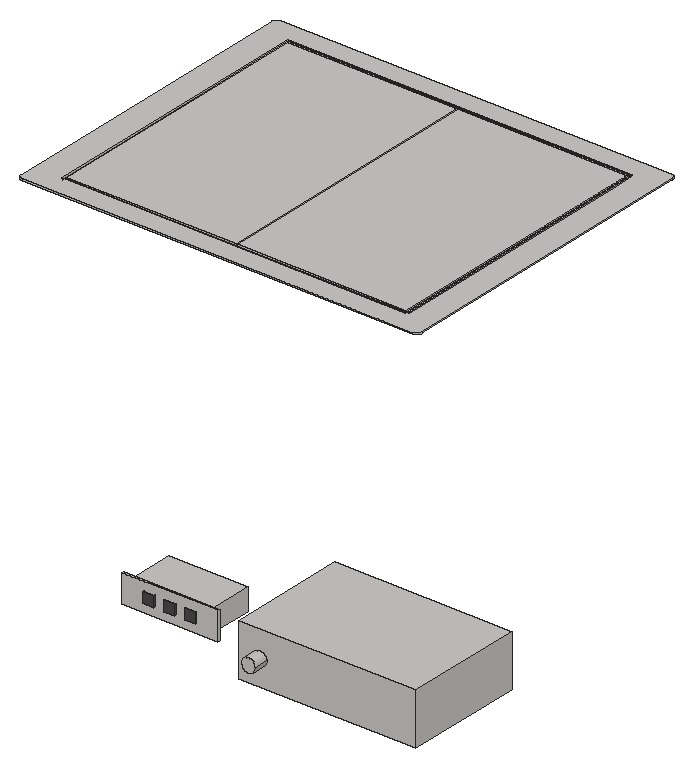
Revit family "QF_ELECTROLUXPROFESSIONAL_341015_D04H2", category Specialty Equipment, Revit 2018
Family settings
  Round Connector Dimension = Use Diameter
  Part Type = Normal
  Work Plane-Based = No
  Always vertical = Yes
  Cut with Voids When Loaded = No
  Shared = No
  Room Calculation Point = No
Parameters (values of type "Standard")
  Weight = 0.00 kg
  Watts = 0 W
  Volts = 220 V
  URL Manufacturer = "http://professional.electrolux.com"
  URL = "http://professional.electrolux.com"
  Steam Supply Size = 0 mm
  Steam Supply Minimum Pressure = 0.0 Pa
  Steam Supply Maximum Pressure = 0.0 Pa
  Steam Pounds per Hour = 0
  Show Clearance [instance] = yes
  Remote Electrical Box_Z [instance] = 200.00 mm
  Remote Electrical Box_Y [instance] = 500.00 mm
  Remote Electrical Box_X [instance] = 500.00 mm
  Refrigeration Suction Line Size = 0 mm
  Refrigeration Liquid Line Size = 0 mm
  Refrigerant Compressor Remote = yes
  Manufacturer = "Electrolux Professional"
  Phase = 1
  Model = "D04H2"
  Length Actual = 770.00 mm  # constant formula
  Item Number = "341015"
  Hot Water Size = 0 mm
  Height Actual = 80.00 mm  # constant formula
  HP = "0 HP"
  Gas Size = 0 mm
  Gas KW = 0
  Gas Input Pressure = 0 W
  Direct Waste Size = 0 mm
  Description = "DROP-IN TEMPERED GLASS TOP, 2GN"
  Depth Actual = 620.00 mm  # constant formula
  Cycle = 60 Hz
  Controller_Y [instance] = 500.00 mm
  Controller_1Z [instance] = 200.00 mm
  Controller_1X [instance] = 200.00 mm
  Condensate Return Size = 0 mm
  Compressed Air Volume = 0.0 L/s
  Compressed Air Size = 0 mm
  Compressed Air Pressure = 0.0 Pa
  Cold Water Size = 0 mm
  Accessory = yes
Types (2, lengths in mm): name | Volts | URL Manufacturer | URL | Manufacturer | Phase | Model | Item Number | Description | Cycle
  341015.rfa | 0 V | "" | 0.00 | 0.00 | 0 | 0.00 | "" | 0.00 | 0 Hz
  Standard | 220 V | "http://professional.electrolux.com" | "http://professional.electrolux.com" | "Electrolux Professional" | 1 | "D04H2" | "341015" | "DROP-IN TEMPERED GLASS TOP, 2GN" | 60 Hz
Reference planes
  plane 1 "Centro (Fronte/Retro)": y = 74.737
  plane 2: z = 0
  plane 3 "BACK": y = 384.737
  plane 4 "FRONT": y = -235.263
  plane 5 "RIGHT": x = -129.269
  plane 6 "LEFT": x = -899.269
  plane 7: x = -514.269
  plane 8 "TOP": z = 900
  plane 9: y = 345.957
  plane 10: y = -196.483
  plane 11: x = -845.489
  plane 12: x = -183.049
  plane 13: z = 898
  plane 14: z = 822
  plane 15: z = 825
  plane 16: x = -189.269
  plane 17: x = -839.269
  plane 18: y = 339.737
  plane 19: y = -190.263
  plane 20: x = -699.269
  plane 21: x = -399.269
  plane 22: y = -115.263
  plane 23: y = -115.263
  plane 24: z = 200
  plane 25: z = 200
Forms (mm)
  Extrusion 1, solid, material "QF_Finishes_Stainless Steel"
    sketch origin (0, 0, 900) x (-1, 0, 0) y (0, -1, 0)
      loop
        arc (889.269, -384.737) -> (896.34, -381.808) -> (899.269, -374.737) r 10
        line (899.269, -374.737) -> (899.269, 225.263)
        arc (899.269, 225.263) -> (896.34, 232.334) -> (889.269, 235.263) r 10
        line (889.269, 235.263) -> (139.269, 235.263)
        arc (139.269, 235.263) -> (132.198, 232.334) -> (129.269, 225.263) r 10
        line (129.269, 225.263) -> (129.269, -374.737)
        arc (129.269, -374.737) -> (132.198, -381.808) -> (139.269, -384.737) r 10
        line (139.269, -384.737) -> (889.269, -384.737)
      loop
        line (845.489, -345.957) -> (845.489, 196.483) -> (183.049, 196.483) -> (183.049, -345.957) -> (845.489, -345.957)
    from 0 to -2
  Extrusion 2, solid, material "QF_Finishes_Stainless Steel"
    sketch origin (0, 0, 900) x (-1, 0, 0) y (0, -1, 0)
      loop
        line (845.489, -345.957) -> (845.489, 196.483) -> (183.049, 196.483) -> (183.049, -345.957) -> (845.489, -345.957)
    from -2 to -78
  Sweep 3, void
    path origin (0, 0, 900) x (-1, 0, 0) y (0, -1, 0)
      loop
        line (845.489, -345.957) -> (845.489, 196.483) -> (183.049, 196.483) -> (183.049, -345.957) -> (845.489, -345.957)
    profile origin (-514.269, 345.957, 900) x (0, 1, 0) y (0, 0, 1)
      loop
        line (0, -2) -> (-75, -78.22) -> (0, -78.22) -> (0, -2)
  Extrusion 4, solid, material "QF_Finishes_Stainless Steel"
    sketch origin (0, 0, 900) x (-1, 0, 0) y (0, -1, 0)
      loop
        line (839.269, -339.737) -> (839.269, 190.263) -> (514.269, 190.263) -> (514.269, -339.737) -> (839.269, -339.737)
    from -2 to 0
  Extrusion 5, solid, material "QF_Finishes_Stainless Steel"
    sketch origin (-1028.537, 0, 900) x (1, 0, 0) y (0, 1, 0)
      loop
        line (839.269, 339.737) -> (514.269, 339.737) -> (514.269, -190.263) -> (839.269, -190.263) -> (839.269, 339.737)
    from -2 to 0
Cuts and joins
  Sweep 3 cuts Extrusion 2
Lines and regions (mm)
  symbolic lines
    curve 1: line (-139.269, 384.737, 900) -> (-889.269, 384.737, 900)
    curve 2: arc (-889.269, 384.737, 900) -> (-896.34, 381.808, 900) -> (-899.269, 374.737, 900) r 10
    curve 3: line (-899.269, 374.737, 900) -> (-899.269, -225.263, 900)
    curve 4: arc (-899.269, -225.263, 900) -> (-896.34, -232.334, 900) -> (-889.269, -235.263, 900) r 10
    curve 5: line (-889.269, -235.263, 900) -> (-139.269, -235.263, 900)
    curve 6: arc (-139.269, -235.263, 900) -> (-132.198, -232.334, 900) -> (-129.269, -225.263, 900) r 10
    curve 7: line (-129.269, -225.263, 900) -> (-129.269, 374.737, 900)
    curve 8: arc (-129.269, 374.737, 900) -> (-132.198, 381.808, 900) -> (-139.269, 384.737, 900) r 10
    curve 9: line (-845.489, 345.957, 900) -> (-183.049, 345.957, 900)
    curve 10: line (-845.489, -196.483, 900) -> (-845.489, 345.957, 900)
    curve 11: line (-183.049, -196.483, 900) -> (-845.489, -196.483, 900)
    curve 12: line (-183.049, 345.957, 900) -> (-183.049, -196.483, 900)
    curve 13: line (-839.269, 339.737, 900) -> (-514.269, 339.737, 900)
    curve 14: line (-839.269, -190.263, 900) -> (-839.269, 339.737, 900)
    curve 15: line (-514.269, -190.263, 900) -> (-839.269, -190.263, 900)
    curve 16: line (-514.269, 339.737, 900) -> (-514.269, -190.263, 900)
    curve 17: line (-189.269, 339.737, 900) -> (-511.159, 339.737, 900)
    curve 18: line (-189.269, -190.263, 900) -> (-189.269, 339.737, 900)
    curve 19: line (-511.159, -190.263, 900) -> (-189.269, -190.263, 900)
    curve 20: line (-189.269, 339.737, 900) -> (-514.269, 339.737, 900)
    curve 21: line (-189.269, -190.263, 900) -> (-189.269, 339.737, 900)
    curve 22: line (-514.269, -190.263, 900) -> (-189.269, -190.263, 900)
  symbolic lines, style "SpecialityEquipmentHiddenLines"
    curve 23: line (-845.489, 345.957, 900) -> (-770.489, 270.957, 900)
    curve 24: line (-770.489, 270.957, 900) -> (-258.049, 270.957, 900)
    curve 25: line (-770.489, -121.483, 900) -> (-770.489, 270.957, 900)
    curve 26: line (-258.049, -121.483, 900) -> (-770.489, -121.483, 900)
    curve 27: line (-258.049, 270.957, 900) -> (-258.049, -121.483, 900)
    curve 28: line (-258.049, 270.957, 900) -> (-183.049, 345.957, 900)
    curve 29: line (-183.049, -196.483, 900) -> (-258.049, -121.483, 900)
    curve 30: line (-845.489, -196.483, 900) -> (-770.489, -121.483, 900)
Dimensions and locks
  plane 6 "LEFT" to plane 5 "RIGHT" = 770.00 mm
  equal spacing: plane 3 "BACK", plane 1 "Centro (Fronte/Retro)", plane 4 "FRONT"
  plane 3 "BACK" to plane 4 "FRONT" = 620.00 mm
  equal spacing: plane 6 "LEFT", plane 7, plane 5 "RIGHT"
  locked: plane 8 "TOP" to plane 2 at 900
  locked: plane 3 "BACK" to plane 9 at 38.78
  locked: plane 10 to plane 4 "FRONT" at 38.78
  plane 6 "LEFT" to plane 11 = 53.78 mm
  plane 12 to plane 5 "RIGHT" = 53.78 mm
  locked: plane 8 "TOP" to plane 13 at 2
  plane 8 "TOP" to plane 14 = 78.00 mm
  locked: plane 15 to plane 14 at 3
  locked: plane 11 to plane 17 at 6.22
  locked: plane 16 to plane 12 at 6.22
  locked: plane 9 to plane 18 at 6.22
  locked: plane 19 to plane 10 at 6.22
  plane 17 to plane 16 = 650.00 mm
  plane 18 to plane 19 = 530.00 mm
  plane 16 to plane 5 "RIGHT" = 60.00 mm
  plane 6 "LEFT" to plane 17 = 60.00 mm
  "Controller_Y": plane 3 "BACK" to plane 23
  "Remote Electrical Box_Y": plane 3 "BACK" to plane 22
  "Controller_1X": plane 6 "LEFT" to plane 20
  "Remote Electrical Box_X": plane 6 "LEFT" to plane 21
  "Controller_1Z": plane 25 to plane 2
  "Remote Electrical Box_Z": plane 24 to plane 2
  aligned and locked: level to plane 2
  aligned and locked: Extrusion 1 sketch curve to plane 3 "BACK"
  aligned and locked: plane 6 "LEFT" to Extrusion 1 sketch curve
  aligned and locked: plane 4 "FRONT" to Extrusion 1 sketch curve
  aligned and locked: Extrusion 1 sketch curve to plane 5 "RIGHT"
  aligned and locked: Extrusion 1 sketch curve to plane 9
  aligned and locked: plane 11 to Extrusion 1 sketch curve
  aligned and locked: plane 10 to Extrusion 1 sketch curve
  aligned and locked: Extrusion 1 sketch curve to plane 12
  aligned and locked: Extrusion 1 to plane 13
  aligned and locked: Extrusion 2 to plane 14
  aligned and locked: Extrusion 2 to Extrusion 1
  aligned and locked: plane 11 to Extrusion 2 sketch curve
  aligned and locked: Extrusion 2 sketch curve to plane 9
  aligned and locked: Extrusion 2 sketch curve to plane 12
  aligned and locked: plane 10 to Extrusion 2 sketch curve
  aligned and locked: Sweep 3 sketch curve to Extrusion 1  (x4)
  aligned and locked: Extrusion 4 sketch curve to plane 18
  aligned and locked: plane 17 to Extrusion 4 sketch curve
  aligned and locked: plane 19 to Extrusion 4 sketch curve
  aligned and locked: Extrusion 1 to Extrusion 4
  aligned and locked: plane 8 "TOP" to Extrusion 4
  aligned and locked: Extrusion 4 sketch curve to plane 7
  aligned and locked: nested 1 to plane 20
  aligned and locked: nested 2 to plane 21
  aligned and locked: plane 22 to nested 2
  aligned and locked: plane 23 to nested 1
  aligned and locked: plane 24 to nested 2
  aligned and locked: nested 1 to plane 25
Automatic sketch dimensions
  Extrusion 1 sketch curve to plane 5 "RIGHT" = 10.00 mm
  Extrusion 1 sketch curve to plane 3 "BACK" = 10.00 mm  (x2)
  Extrusion 1 sketch curve to Extrusion 1 sketch curve = 10.00 mm
  curve 7 to plane 5 "RIGHT" = 0.00 mm
  curve 8 to plane 3 "BACK" = 0.00 mm
  curve 5 to plane 4 "FRONT" = 0.00 mm
  curve 12 to plane 9 = 0.00 mm
  curve 12 to plane 12 = 0.00 mm
  curve 22 to plane 16 = 0.00 mm
  curve 17 to plane 18 = 0.00 mm
  curve 19 to plane 19 = 0.00 mm
  curve 20 to plane 7 = 0.00 mm
  curve 14 to plane 17 = 0.00 mm
  curve 10 to plane 10 = 0.00 mm
  curve 10 to plane 11 = 0.00 mm
  curve 4 to plane 6 "LEFT" = 0.00 mm
  curve 6 to curve 6 = 10.00 mm
  curve 8 to plane 3 "BACK" = 10.00 mm
  curve 2 to plane 3 "BACK" = 10.00 mm
  curve 4 to curve 4 = 10.00 mm
  plane 7 to curve 17 = 3.11 mm
  curve 19 to curve 15 = 3.11 mm
  Sweep 3 sketch curve to profile plane = 0.00 mm
  profile plane to Sweep 3 sketch curve = 75.00 mm
  Sweep 3 sketch curve to plane 8 "TOP" = 78.22 mm
  Sweep 3 sketch curve to plane 8 "TOP" = 2.00 mm
  Extrusion 5 sketch curve to plane 7 = 0.00 mm
  Extrusion 5 sketch curve to plane 16 = 0.00 mm
  Extrusion 5 sketch curve to plane 18 = 0.00 mm
  Extrusion 5 sketch curve to plane 19 = 0.00 mm
  plane 17 to curve 23 = 68.78 mm
  curve 23 to plane 18 = 68.78 mm
  plane 19 to curve 25 = 68.78 mm
  curve 26 to plane 16 = 68.78 mm
Nested families
  nested 1: "Controller" at (-699.269, -115.263, 200), type "Controller"
  nested 2: "Remote_Electrical_Box" at (-399.269, -0.263, 100), type "Remote_Electrical_Box"
  nested 3: "Sun" at (-309.269, -45.263, 900), type "Sun"
Connectors
  electrical at (-529.269, -142.263, 149.381)
    settings: on nested 2, index 1, voltage 0 V, apparent load 0 VA, apparent load phase1 0 VA, apparent load phase2 0 VA, apparent load phase3 0 VA, power factor 1, load classification "Altro", number of poles 1, system type 14, power factor state 1, is connector primary yes, connector utility no, sub classification motor no, connector description ""
Definition of nested family "Controller"
  Reference planes
    plane 1 "Center (Front/Back)": y = 0
    plane 2: z = 0
    plane 3 "Center (Left/Right)": x = 0
  Forms (mm)
    Extrusion 1, solid
      sketch origin (0, 44.769, -48.2) x (1, 0, 0) y (0, 1, 0)
        loop
          line (-76, 43.231) -> (-76, -47.65) -> (76, -47.65) -> (76, 43.231) -> (-76, 43.231)
      from 6.2 to 48.2
    Extrusion 2, solid
      sketch origin (0, 44.769, -48.2) x (1, 0, 0) y (0, 0, 1)
        loop
          line (-92.25, 54.4) -> (-92.25, 0) -> (92.25, 0) -> (92.25, 54.4) -> (-92.25, 54.4)
        loop
          line (-76, 48.2) -> (-76, 6.2) -> (76, 6.2) -> (76, 48.2) -> (-76, 48.2)
      from 44.769 to 47.65
    Extrusion 3, solid
      sketch origin (76, -2.881, -48.2) x (-1, 0, 0) y (0, 0, -1)
        loop
          line (106, -37.2) -> (126, -37.2) -> (126, -17.2) -> (106, -17.2) -> (106, -37.2)
        loop
          line (66, -37.2) -> (86, -37.2) -> (86, -17.2) -> (66, -17.2) -> (66, -37.2)
        loop
          line (26, -37.2) -> (46, -37.2) -> (46, -17.2) -> (26, -17.2) -> (26, -37.2)
      from 0 to 2
    Extrusion 4, void
      sketch origin (0, 0, 0) x (1, 0, 0) y (0, 1, 0)
        loop
          line (76, 88) -> (-76, 88) -> (-76, 0) -> (76, 0) -> (76, 88)
      from 0 to -42
  Cuts and joins
    Extrusion 4 cuts Extrusion 2
    joined: Extrusion 1, Extrusion 2
  Lines and regions (mm)
    symbolic lines
      curve 1: line (-76, 88, 0) -> (-76, 0, 0)
      curve 2: line (76, 88, 0) -> (-76, 88, 0)
      curve 3: line (76, 0, 0) -> (76, 88, 0)
      curve 4: line (-92.25, -2.881, 0) -> (92.25, -2.881, 0)
      curve 5: line (-92.25, 0, 0) -> (-92.25, -2.881, 0)
      curve 6: line (92.25, 0, 0) -> (-92.25, 0, 0)
      curve 7: line (92.25, -2.881, 0) -> (92.25, 0, 0)
  Dimensions and locks
    aligned and locked: level to plane 2
Definition of nested family "Remote_Electrical_Box"
  Parameters (values of type "Remote_Electrical_Box")
    Default Elevation = 1219.20 mm
  Reference planes
    plane 1 "Center (Front/Back)": y = 0
    plane 2: z = 0
    plane 3 "Center (Left/Right)": x = 0
    plane 4: x = -170
    plane 5: x = 170
    plane 6: y = 115
    plane 7: y = -115
    plane 8: z = 100
    plane 9: z = 50
  Forms (mm)
    Extrusion 1, solid
      sketch origin (0, 0, 0) x (1, 0, 0) y (0, 1, 0)
        loop
          line (-170, 115) -> (-170, -115) -> (170, -115) -> (170, 115) -> (-170, 115)
      from 0 to 100
    Extrusion 2, solid
      sketch origin (0, 0, 0) x (1, 0, 0) y (0, 0, 1)
        loop
          circle (-130, 49.381) r 13
      from 115 to 142
  Lines and regions (mm)
    symbolic lines
      curve 1: line (-170, 115, 0) -> (170, 115, 0)
      curve 2: line (-170, -115, 0) -> (-170, 115, 0)
      curve 3: line (170, -115, 0) -> (-170, -115, 0)
      curve 4: line (170, 115, 0) -> (170, -115, 0)
      curve 5: line (-143, -142, 0) -> (-117, -142, 0)
      curve 6: line (-143, -142, 0) -> (-143, -115, 0)
      curve 7: line (-117, -142, 0) -> (-117, -115, 0)
  Dimensions and locks
    equal spacing: plane 4, plane 3 "Center (Left/Right)", plane 5
    equal spacing: plane 6, plane 1 "Center (Front/Back)", plane 7
    plane 4 to plane 5 = 340.00 mm
    plane 6 to plane 7 = 230.00 mm
    Extrusion 1 to Extrusion 2 sketch curve = 40.00 mm
    equal spacing: plane 8, plane 9, plane 2
    aligned and locked: level to plane 2
    aligned and locked: Extrusion 1 sketch curve to plane 6
    aligned and locked: plane 4 to Extrusion 1 sketch curve
    aligned and locked: plane 7 to Extrusion 1 sketch curve
    aligned and locked: Extrusion 1 sketch curve to plane 5
    aligned and locked: plane 7 to Extrusion 2
    aligned and locked: plane 8 to Extrusion 1
  Automatic sketch dimensions
    level to Extrusion 2 sketch curve = 49.381 mm
    curve 3 to plane 4 = 0.00 mm
    curve 7 to plane 7 = 0.00 mm
    curve 3 to plane 5 = 0.00 mm
    curve 2 to plane 6 = 0.00 mm
    plane 4 to curve 6 = 27.00 mm
    curve 5 to curve 6 = 27.00 mm
    curve 6 to curve 7 = 26.00 mm
    radius of Extrusion 2 sketch curve = 13.00 mm
Definition of nested family "Sun"
  Reference planes
    plane 1 "Center (Front/Back)": y = 0
    plane 2: z = 0
    plane 3 "Center (Left/Right)": x = 0
  Lines and regions (mm)
    detail lines, in view "Ref. Level"
      curve 1: circle (0, 0, 0) r 35 normal (0, 0, 1)
      curve 2: line (-18, 31.177, 0) -> (-30, 51.962, 0)
      curve 3: line (0, 36, 0) -> (0, 60, 0)
      curve 4: line (18, 31.177, 0) -> (30, 51.962, 0)
      curve 5: line (31.177, 18, 0) -> (51.962, 30, 0)
      curve 6: line (36, 0, 0) -> (60, 0, 0)
      curve 7: line (31.177, -18, 0) -> (51.962, -30, 0)
      curve 8: line (18, -31.177, 0) -> (30, -51.962, 0)
      curve 9: line (0, -36, 0) -> (0, -60, 0)
      curve 10: line (-18, -31.177, 0) -> (-30, -51.962, 0)
      curve 11: line (-31.177, -18, 0) -> (-51.962, -30, 0)
      curve 12: line (-36, 0, 0) -> (-60, 0, 0)
      curve 13: line (-31.177, 18, 0) -> (-51.962, 30, 0)
